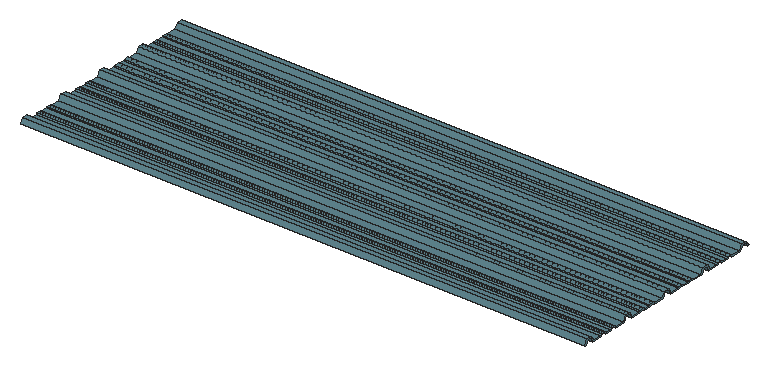
Revit family "Aluzinc Roofing TR5", category Armazón estructural, Revit 2025
Family settings
  Forma de sección = Sin definir
  Material para comportamiento de modelo = Otro
  Exportar siempre como geometría = No
  Número OmniClass = 23.25.30.11.14.14
  Título OmniClass = Beams
  Siempre vertical = Sí
  Corte con vacíos al cargar = No
  Representación simbólica = Desde familia
  Compartido = No
  Mostrar corte previo de familia en vistas de plano = Sí
Parameters
  Material estructural = JG_Plancha de Aluzinc
  Length [instance] = 3000 mm
  10. SISTEMA = "ARQUITECTURA"
  06. DESCRIPCION = "Cobertura Aluzinc Modelo TR5, E=0.50 mm"
  03. CODIGO DE ELEMENTO = "ALZ-01"
  02. ELEMENTO = "COBERTURA ALUZINC"
Reference planes
  plane 1 "Center (Front/Back)": y = 0
  plane 2 "Center Elevation": z = 0
  plane 3 "Center (Left/Right)": x = 0
  plane 4 "Left": x = -1500
  plane 5 "Member Left": x = -1250
  plane 6 "Stick Symbol Left": x = -1000
  plane 7 "Right": x = 1500
  plane 8 "Member Right": x = 1250
  plane 9 "Stick Symbol Right": x = 1000
Forms (mm)
  Sweep 1, solid, material "JG_Plancha de Aluzinc" <- "Material estructural"
    path origin (0, 0, 0) x (1, 0, 0) y (0, 1, 0)
      loop
        line (1500, 0) -> (-1500, 0)
    profile "Perfil de Cobertura TR5 : Perfil de Cobertura TR5" origin (0, 0, 0) x (0, -1, 0) y (0, 0, 1)
      loop
        line (-110.75, 0) -> (-106.251, 4.499) -> (-85.393, 4.499) -> (-80.895, 0) -> (-25.895, 0) -> (-11.145, 25) -> (11.145, 25) -> (25.895, 0) -> (80.895, 0) -> (85.393, 4.499) -> (106.251, 4.499) -> (110.75, 0) -> (146.75, 0) -> (151.249, 4.499) -> (172.107, 4.499) -> (176.605, 0) -> (231.605, 0) -> (246.355, 25) -> (268.645, 25) -> (283.395, 0) -> (338.395, 0) -> (342.893, 4.499) -> (363.751, 4.499) -> (368.25, 0) -> (404.25, 0) -> (408.749, 4.499) -> (429.607, 4.499) -> (434.105, 0) -> (489.105, 0) -> (503.855, 25) -> (526.145, 25) -> (538.969, 3.264) -> (543.275, 5.804) -> (529, 30) -> (501, 30) -> (486.25, 5) -> (436.176, 5) -> (431.678, 9.499) -> (406.678, 9.499) -> (402.179, 5) -> (370.321, 5) -> (365.822, 9.499) -> (340.822, 9.499) -> (336.324, 5) -> (286.25, 5) -> (271.5, 30) -> (243.5, 30) -> (228.75, 5) -> (178.676, 5) -> (174.178, 9.499) -> (149.178, 9.499) -> (144.679, 5) -> (112.821, 5) -> (108.322, 9.499) -> (83.322, 9.499) -> (78.824, 5) -> (28.75, 5) -> (14, 30) -> (-14, 30) -> (-28.75, 5) -> (-78.824, 5) -> (-83.322, 9.499) -> (-108.322, 9.499) -> (-112.821, 5) -> (-144.679, 5) -> (-149.178, 9.499) -> (-174.178, 9.499) -> (-178.676, 5) -> (-228.75, 5) -> (-243.5, 30) -> (-271.5, 30) -> (-286.25, 5) -> (-336.324, 5) -> (-340.822, 9.499) -> (-365.822, 9.499) -> (-370.321, 5) -> (-402.179, 5) -> (-406.678, 9.499) -> (-431.678, 9.499) -> (-436.176, 5) -> (-486.25, 5) -> (-501, 30) -> (-529, 30) -> (-543.275, 5.804) -> (-538.969, 3.264) -> (-526.145, 25) -> (-503.855, 25) -> (-489.105, 0) -> (-434.105, 0) -> (-429.607, 4.499) -> (-408.749, 4.499) -> (-404.25, 0) -> (-368.25, 0) -> (-363.751, 4.499) -> (-342.893, 4.499) -> (-338.395, 0) -> (-283.395, 0) -> (-268.645, 25) -> (-246.355, 25) -> (-231.605, 0) -> (-176.605, 0) -> (-172.107, 4.499) -> (-151.249, 4.499) -> (-146.75, 0) -> (-110.75, 0)
Lines and regions (mm)
  model lines, style "Stick Symbols", detail levels coarse
    curve 1: line (-1000, 0, 0) -> (1000, 0, 0)
Dimensions and locks
  equal spacing: plane 4 "Left", plane 3 "Center (Left/Right)", plane 7 "Right"
  "Length": plane 4 "Left" to plane 7 "Right"
  aligned and locked: plane 1 "Center (Front/Back)" to curve 1
  aligned and locked: plane 6 "Stick Symbol Left" to curve 1
  aligned and locked: plane 9 "Stick Symbol Right" to curve 1
  aligned and locked: level to plane 2 "Center Elevation"
  aligned and locked: Sweep 1 sketch curve to plane 1 "Center (Front/Back)"
  aligned and locked: plane 4 "Left" to Sweep 1 sketch curve
  aligned and locked: plane 7 "Right" to Sweep 1 sketch curve
